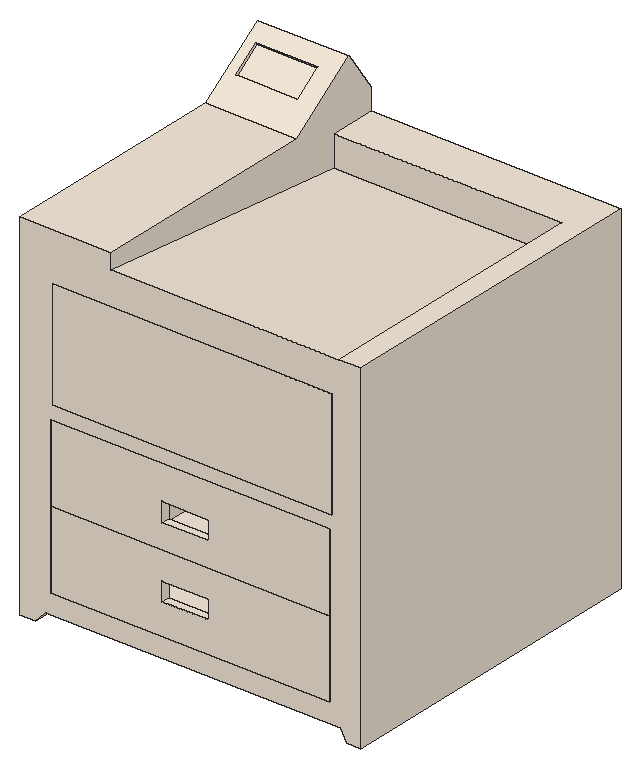
Revit family
Parameters
  Material Printer = Plastic - White
  Keynote = "N"
  Assembly Code = "E1010800"
Reference planes
  plane 1 "Center F/B": y = 22.58
  plane 2: z = 0
  plane 3 "Center L/R": x = 115.679
  plane 4: x = -163.721
  plane 5: x = 395.079
  plane 6: y = -244.12
  plane 7: y = 289.28
Forms (mm)
  Extrusion 1, solid, material "Plastic - White" <- "Material Printer"
    sketch origin (0, 0, 0) x (1, 0, 0) y (0, 1, 0)
      loop
        line (-163.721, 289.28) -> (-163.721, -244.12) -> (395.079, -244.12) -> (395.079, 289.28) -> (-163.721, 289.28)
    from 0 to 558.8
  Extrusion 2, void
    sketch origin (115.679, 0, 0) x (0, 1, 0) y (0, 0, 1)
      loop
        line (213.08, 558.8) -> (-244.12, 558.8) -> (213.08, 508) -> (213.08, 558.8)
    from -130.265 to 243.558
  Extrusion 3, void
    sketch origin (-163.721, -244.12, 558.8) x (0, 0, -1) y (1, 0, 0)
      loop
        line (558.8, 25.4) -> (558.8, 43.361) -> (558.8, 536.33) -> (540.839, 525.961) -> (540.839, 43.361) -> (558.8, 25.4)
    from -533.4 to 0
  Extrusion 4, void
    sketch origin (-163.721, -244.12, 558.8) x (0, 0, -1) y (1, 0, 0)
      loop
        line (254.66, 50.738) -> (508.66, 50.738) -> (508.66, 507.938) -> (254.66, 507.938) -> (254.66, 50.738)
    from 0 to -304.8
  Extrusion 5, solid, material "Plastic - White" <- "Material Printer"
    sketch origin (-163.721, -244.12, 558.8) x (0, 0, -1) y (1, 0, 0)
      loop
        line (508.66, 50.738) -> (508.66, 507.938) -> (381.66, 507.938) -> (381.66, 50.738) -> (508.66, 50.738)
    from 0 to -12.7
  Extrusion 6, solid, material "Plastic - White" <- "Material Printer"
    sketch origin (-163.721, -244.12, 558.8) x (0, 0, -1) y (1, 0, 0)
      loop
        line (381.66, 50.738) -> (381.66, 507.938) -> (254.66, 507.938) -> (254.66, 50.738) -> (381.66, 50.738)
    from 0 to -12.7
  Extrusion 7, void
    sketch origin (-163.721, -244.12, 558.8) x (0, 0, -1) y (1, 0, 0)
      loop
        line (427.27, 233.348) -> (457.2, 233.348) -> (457.2, 309.548) -> (427.27, 309.548) -> (427.27, 233.348)
      loop
        line (310.078, 233.348) -> (341.859, 233.348) -> (341.859, 309.548) -> (310.078, 309.548) -> (310.078, 233.348)
    from 0 to -12.7
  Extrusion 8, solid, material "Plastic - White" <- "Material Printer"
    sketch origin (115.679, 0, 0) x (0, 1, 0) y (0, 0, 1)
      loop
        line (289.28, 594.039) -> (243.765, 659.042) -> (136.88, 584.2) -> (-244.12, 584.2) -> (-244.12, 558.8) -> (289.28, 558.8) -> (289.28, 594.039)
    from -130.265 to -279.4
  Extrusion 9, void
    sketch origin (-14.586, 243.765, 659.042) x (-1, 0, 0) y (0, -0.819152, -0.573576)
      loop
        line (132.554, 29.405) -> (132.554, 80.205) -> (30.954, 80.205) -> (30.954, 29.405) -> (132.554, 29.405)
    from 0 to -3.175
  Extrusion 10, solid, material "Plastic - White" <- "Material Printer"
    sketch origin (-163.721, -244.12, 558.8) x (0, 0, -1) y (1, 0, 0)
      loop
        line (231.951, 54.679) -> (231.951, 511.879) -> (54.151, 511.879) -> (54.151, 54.679) -> (231.951, 54.679)
    from 0 to -3.175
Cuts and joins
  Extrusion 7, Extrusion 9 cuts Extrusion 5
  Extrusion 7, Extrusion 9 cuts Extrusion 6
  Extrusion 2, Extrusion 3, Extrusion 4, Extrusion 7, Extrusion 9 cuts Extrusion 1
  Extrusion 9 cuts Extrusion 8
  joined: Extrusion 1, Extrusion 8
Lines and regions (mm)
  Masking region 1
    outline origin (0, 0, 0) x (1, 0, 0) y (0, 1, 0)
      loop
        line (-163.721, 289.28) -> (-163.721, -244.12) -> (395.079, -244.12) -> (395.079, 289.28) -> (-163.721, 289.28)
  symbolic lines
    curve 1: line (-163.721, 289.28, 0) -> (-163.721, -244.12, 0)
    curve 2: line (395.079, 289.28, 0) -> (-163.721, 289.28, 0)
    curve 3: line (395.079, -244.12, 0) -> (395.079, 289.28, 0)
    curve 4: line (-163.721, -244.12, 0) -> (395.079, -244.12, 0)
    curve 5: line (-14.586, 289.28, 0) -> (-14.586, -244.12, 0)
    curve 6: line (-14.586, 136.88, 0) -> (-163.721, 136.88, 0)
    curve 7: line (359.237, 213.08, 0) -> (-14.586, 213.08, 0)
    curve 8: line (359.237, -244.12, 0) -> (359.237, 213.08, 0)
    curve 9: line (-147.141, 219.678, 0) -> (-45.541, 219.678, 0)
    curve 10: line (-45.541, 178.065, 0) -> (-45.541, 221.499, 0)
    curve 11: line (-45.541, 178.065, 0) -> (-147.141, 178.065, 0)
    curve 12: line (-147.141, 221.499, 0) -> (-147.141, 178.065, 0)
Dimensions and locks
  equal spacing: plane 4, plane 3 "Center L/R", plane 5
  equal spacing: plane 6, plane 1 "Center F/B", plane 7
  aligned and locked: curve 1 to cut or joined group of Extrusion 1, Extrusion 2, Extrusion 3, Extrusion 4, Extrusion 7, Extrusion 8, Extrusion 9
  aligned and locked: curve 2 to cut or joined group of Extrusion 1, Extrusion 2, Extrusion 3, Extrusion 4, Extrusion 7, Extrusion 8, Extrusion 9
  aligned and locked: curve 3 to cut or joined group of Extrusion 1, Extrusion 2, Extrusion 3, Extrusion 4, Extrusion 7, Extrusion 8, Extrusion 9
  aligned and locked: curve 4 to cut or joined group of Extrusion 1, Extrusion 2, Extrusion 3, Extrusion 4, Extrusion 7, Extrusion 8, Extrusion 9
  aligned and locked: curve 5 to cut or joined group of Extrusion 1, Extrusion 2, Extrusion 3, Extrusion 4, Extrusion 7, Extrusion 8, Extrusion 9
  aligned and locked: curve 6 to cut or joined group of Extrusion 1, Extrusion 2, Extrusion 3, Extrusion 4, Extrusion 7, Extrusion 8, Extrusion 9
  aligned and locked: curve 7 to cut or joined group of Extrusion 1, Extrusion 2, Extrusion 3, Extrusion 4, Extrusion 7, Extrusion 8, Extrusion 9
  aligned and locked: curve 8 to cut or joined group of Extrusion 1, Extrusion 2, Extrusion 3, Extrusion 4, Extrusion 7, Extrusion 8, Extrusion 9
  aligned and locked: curve 9 to cut or joined group of Extrusion 1, Extrusion 2, Extrusion 3, Extrusion 4, Extrusion 7, Extrusion 8, Extrusion 9
  aligned and locked: curve 10 to cut or joined group of Extrusion 1, Extrusion 2, Extrusion 3, Extrusion 4, Extrusion 7, Extrusion 8, Extrusion 9
  aligned and locked: curve 11 to cut or joined group of Extrusion 1, Extrusion 2, Extrusion 3, Extrusion 4, Extrusion 7, Extrusion 8, Extrusion 9
  aligned and locked: curve 12 to cut or joined group of Extrusion 1, Extrusion 2, Extrusion 3, Extrusion 4, Extrusion 7, Extrusion 8, Extrusion 9
